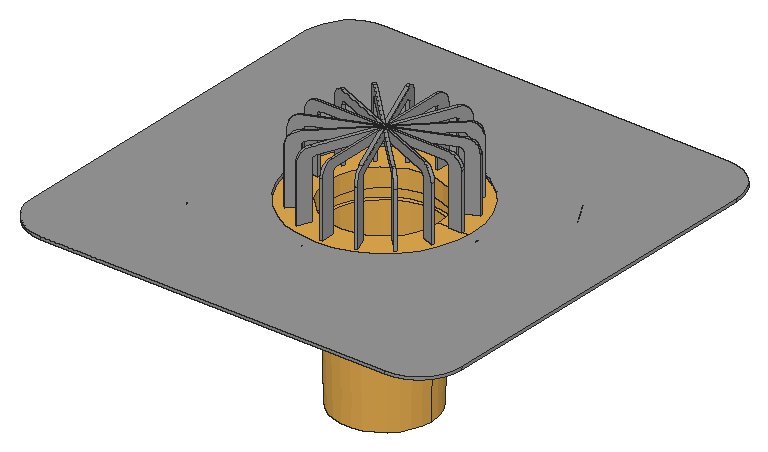
Revit family "TOPWET_Střešní vpust TW(E) 110 S", category Instalační zařizovací předměty, Revit 2016 (continued)
Definition of nested family "Perforovaný ochranný koš TWOK"
  Automatic sketch dimensions
    curve 30 to curve 31 = 15.428 mm
    curve 80 to curve 81 = 15.428 mm
    curve 31 to curve 32 = 3.236 mm
    curve 33 to plane 1 "Střed (vpředu/vzadu)" = 41.57 mm
    plane 1 "Střed (vpředu/vzadu)" to curve 83 = 41.57 mm
    curve 34 to plane 1 "Střed (vpředu/vzadu)" = 38.334 mm
    plane 1 "Střed (vpředu/vzadu)" to curve 84 = 38.334 mm
    plane 1 "Střed (vpředu/vzadu)" to curve 85 = 22.906 mm
    curve 35 to plane 1 "Střed (vpředu/vzadu)" = 22.906 mm
    curve 36 to plane 1 "Střed (vpředu/vzadu)" = 19.102 mm
    plane 1 "Střed (vpředu/vzadu)" to curve 86 = 19.102 mm
    curve 57 to curve 56 = 2.351 mm
    curve 58 to curve 57 = 7.861 mm
    curve 8 to curve 7 = 7.861 mm
    curve 59 to curve 58 = 1.236 mm
    curve 10 to curve 9 = 2.709 mm
    curve 60 to curve 10 = 0 mm
    curve 32 to curve 33 = 12.244 mm
    curve 82 to curve 83 = 12.244 mm  (x2)
    curve 33 to curve 34 = 2.351 mm
    curve 83 to curve 84 = 2.351 mm
    curve 34 to curve 35 = 7.861 mm
    curve 84 to curve 85 = 7.861 mm
    curve 85 to curve 86 = 1.236 mm
    curve 35 to curve 36 = 1.236 mm
    curve 36 to curve 37 = 2.709 mm
    curve 87 to curve 37 = 0 mm
    curve 55 to curve 57 = 15.48 mm
    curve 80 to curve 81 = 7.861 mm
    curve 53 to curve 54 = 7.861 mm
    curve 51 to curve 53 = 1.236 mm
    curve 78 to curve 80 = 1.236 mm
    curve 52 to curve 51 = 2.709 mm
    curve 52 to curve 79 = 0 mm
    curve 56 to curve 57 = 3.236 mm
    curve 7 to curve 6 = 3.236 mm
    curve 33 to curve 32 = 12.244 mm
    curve 31 to curve 30 = 7.861 mm
    curve 4 to curve 3 = 7.861 mm
    curve 30 to curve 28 = 1.236 mm
    curve 3 to curve 1 = 1.236 mm
    curve 28 to curve 29 = 2.709 mm
    curve 2 to curve 29 = 0 mm
    Extrusion 2 sketch curve to Extrusion 2 sketch curve = 0 mm  (x38)
    Extrusion 2 sketch curve to plane 1 "Střed (vpředu/vzadu)" = 0.269 mm
    Extrusion 2 sketch curve to plane 1 "Střed (vpředu/vzadu)" = 2 mm  (x2)
    Extrusion 2 sketch curve to Extrusion 2 sketch curve = 3.188 mm  (x3)
    Extrusion 2 sketch curve to Extrusion 2 sketch curve = 3.236 mm  (x7)
    Extrusion 2 sketch curve to plane 1 "Střed (vpředu/vzadu)" = 8.424 mm
    Extrusion 2 sketch curve to Extrusion 2 sketch curve = 1.97 mm  (x4)
    Extrusion 2 sketch curve to plane 3 "Střed (vlevo/vpravo)" = 1.676 mm  (x2)
    Extrusion 2 sketch curve to Extrusion 2 sketch curve = 1.236 mm  (x3)
    plane 3 "Střed (vlevo/vpravo)" to Extrusion 2 sketch curve = 1.676 mm  (x2)
    Extrusion 2 sketch curve to Extrusion 2 sketch curve = 36.334 mm  (x4)
    plane 3 "Střed (vlevo/vpravo)" to Extrusion 2 sketch curve = 22.906 mm  (x2)
    Extrusion 2 sketch curve to Extrusion 2 sketch curve = 22.456 mm  (x3)
    Extrusion 2 sketch curve to plane 3 "Střed (vlevo/vpravo)" = 23.035 mm
    Extrusion 2 sketch curve to Extrusion 2 sketch curve = 22.528 mm
    Extrusion 2 sketch curve to plane 3 "Střed (vlevo/vpravo)" = 19.102 mm  (x2)
    Extrusion 2 sketch curve to Extrusion 2 sketch curve = 0.84 mm
    plane 3 "Střed (vlevo/vpravo)" to Extrusion 2 sketch curve = 19.102 mm  (x2)
    plane 1 "Střed (vpředu/vzadu)" to Extrusion 2 sketch curve = 2 mm  (x2)
    Extrusion 2 sketch curve to plane 3 "Střed (vlevo/vpravo)" = 22.906 mm
    Extrusion 2 sketch curve to Extrusion 2 sketch curve = 31.224 mm
    Extrusion 2 sketch curve to Extrusion 2 sketch curve = 2.351 mm  (x6)
    Extrusion 2 sketch curve to Extrusion 2 sketch curve = 11.092 mm
    Extrusion 2 sketch curve to Extrusion 2 sketch curve = 6.516 mm
    Extrusion 2 sketch curve to Extrusion 2 sketch curve = 3.804 mm  (x2)
  Nested families
    nested 1: "Odvodňovací kroužek pro ochranný koš TW ODK" at (0, 0, -15), visible <- "VPK", type "Odvodňovací kroužek pro ochranný koš TW ODK"
      with Seříznutí 0 mm, OBJEDNACÍ KÓD "TW ODK", OBJEDNACÍ KOMENTÁŘ "TW ODK, Odvodňovací kroužek"
    nested 2: "Odvodňovací kroužek pro ochranný koš TW ODK" at (0, 0, -48), visible <- "VPK", type "Odvodňovací kroužek pro ochranný koš TW ODK"
      with Seříznutí 0 mm, OBJEDNACÍ KÓD "TW ODK", OBJEDNACÍ KOMENTÁŘ "TW ODK, Odvodňovací kroužek"
    nested 3: "Odvodňovací kroužek pro ochranný koš TW ODK" at (0, 0, -81), Seříznutí <- "OK", visible <- "VOK", type "Odvodňovací kroužek pro ochranný koš TW ODK"
      with Seříznutí 15 mm, OBJEDNACÍ KÓD "TW ODK", OBJEDNACÍ KOMENTÁŘ "TW ODK, Odvodňovací kroužek"
    nested 4: "Odvodňovací kroužek pro ochranný koš TW ODK" at (0, 0, -15), visible <- "K1", type "Odvodňovací kroužek pro ochranný koš TW ODK"
      with Seříznutí 0 mm
  Definition of nested family "Odvodňovací kroužek pro ochranný koš TW ODK"
    Parameters (values of type "Odvodňovací kroužek pro ochranný koš TW ODK")
      Manufacturer = "TOPWET"  # constant formula
      URL = "http://topwet.cz/produkty/269-odvodnovaci-krouzek"
      Seříznutí [instance] = 0 mm
      Description = "Příslušenství vpusti"
      OBJEDNACÍ KÓD [instance] = "TW ODK"
      OBJEDNACÍ KOMENTÁŘ [instance] = "TW ODK, Odvodňovací kroužek"
      Model = ""  # constant formula
      Type Comments = ""  # constant formula
      Keynote = "TW ODK"
      Cost = 0
      COPYRIGHT = "©TOPWET"  # constant formula
    Reference planes
      plane 1 "Střed (vpředu/vzadu)": y = 0
      plane 2: z = 0
      plane 3 "Střed (vlevo/vpravo)": x = 0
      plane 4: z = -33
      plane 5: z = -33
      plane 6: z = -33
    Forms (mm)
      Extrusion 1, solid, detail levels medium+fine
        sketch origin (0, 0, 0) x (1, 0, 0) y (0, 1, 0)
          loop
            circle (0, 0) r 64.5
          loop
            circle (0, 0) r 67.5
        from 15 to -18
      Sweep 2, void
        path origin (0, 0, 0) x (0.987688, 0.156434, 0) y (-0.156434, 0.987688, 0)
          loop
            line (0, -72.5) -> (0, 72.5)
        profile origin (0, 0, 0) x (-0.987688, -0.156434, 0) y (0, 0, 1)
          loop
            line (7.4, -18) -> (7.4, -4.2)
            arc (7.4, -4.2) -> (6.521, -2.079) -> (4.4, -1.2) r 3
            line (4.4, -1.2) -> (-4.4, -1.2)
            arc (-4.4, -1.2) -> (-6.521, -2.079) -> (-7.4, -4.2) r 3
            line (-7.4, -4.2) -> (-7.4, -18) -> (7.4, -18)
      Sweep 3, void
        path origin (0, 0, 0) x (0.891007, 0.45399, 0) y (-0.45399, 0.891007, 0)
          loop
            line (0, -72.5) -> (0, 72.5)
        profile origin (0, 0, 0) x (-0.891007, -0.45399, 0) y (0, 0, 1)
          loop
            line (7.4, -18) -> (7.4, -4.2)
            arc (7.4, -4.2) -> (6.521, -2.079) -> (4.4, -1.2) r 3
            line (4.4, -1.2) -> (-4.4, -1.2)
            arc (-4.4, -1.2) -> (-6.521, -2.079) -> (-7.4, -4.2) r 3
            line (-7.4, -4.2) -> (-7.4, -18) -> (7.4, -18)
      Sweep 4, void
        path origin (0, 0, 0) x (0.707107, 0.707107, 0) y (-0.707107, 0.707107, 0)
          loop
            line (0, -72.5) -> (0, 72.5)
        profile origin (0, 0, 0) x (-0.707107, -0.707107, 0) y (0, 0, 1)
          loop
            line (7.4, -18) -> (7.4, -4.2)
            arc (7.4, -4.2) -> (6.521, -2.079) -> (4.4, -1.2) r 3
            line (4.4, -1.2) -> (-4.4, -1.2)
            arc (-4.4, -1.2) -> (-6.521, -2.079) -> (-7.4, -4.2) r 3
            line (-7.4, -4.2) -> (-7.4, -18) -> (7.4, -18)
      Sweep 5, void
        path origin (0, 0, 0) x (0.45399, 0.891007, 0) y (-0.891007, 0.45399, 0)
          loop
            line (0, -72.5) -> (0, 72.5)
        profile origin (0, 0, 0) x (-0.45399, -0.891007, 0) y (0, 0, 1)
          loop
            line (7.4, -18) -> (7.4, -4.2)
            arc (7.4, -4.2) -> (6.521, -2.079) -> (4.4, -1.2) r 3
            line (4.4, -1.2) -> (-4.4, -1.2)
            arc (-4.4, -1.2) -> (-6.521, -2.079) -> (-7.4, -4.2) r 3
            line (-7.4, -4.2) -> (-7.4, -18) -> (7.4, -18)
      Sweep 6, void
        path origin (0, 0, 0) x (0.156434, 0.987688, 0) y (-0.987688, 0.156434, 0)
          loop
            line (0, -72.5) -> (0, 72.5)
        profile origin (0, 0, 0) x (-0.156434, -0.987688, 0) y (0, 0, 1)
          loop
            line (7.4, -18) -> (7.4, -4.2)
            arc (7.4, -4.2) -> (6.521, -2.079) -> (4.4, -1.2) r 3
            line (4.4, -1.2) -> (-4.4, -1.2)
            arc (-4.4, -1.2) -> (-6.521, -2.079) -> (-7.4, -4.2) r 3
            line (-7.4, -4.2) -> (-7.4, -18) -> (7.4, -18)
      Sweep 7, void
        path origin (0, 0, 0) x (-0.987688, 0.156434, 0) y (0.156434, 0.987688, 0)
          loop
            line (0, -72.5) -> (0, 72.5)
        profile origin (0, 0, 0) x (-0.987688, 0.156434, 0) y (0, 0, 1)
          loop
            line (-7.4, -18) -> (7.4, -18) -> (7.4, -4.2)
            arc (7.4, -4.2) -> (6.521, -2.079) -> (4.4, -1.2) r 3
            line (4.4, -1.2) -> (-4.4, -1.2)
            arc (-4.4, -1.2) -> (-6.521, -2.079) -> (-7.4, -4.2) r 3
            line (-7.4, -4.2) -> (-7.4, -18)
      Sweep 8, void
        path origin (0, 0, 0) x (-0.891007, 0.45399, 0) y (0.45399, 0.891007, 0)
          loop
            line (0, -72.5) -> (0, 72.5)
        profile origin (0, 0, 0) x (-0.891007, 0.45399, 0) y (0, 0, 1)
          loop
            line (-7.4, -18) -> (7.4, -18) -> (7.4, -4.2)
            arc (7.4, -4.2) -> (6.521, -2.079) -> (4.4, -1.2) r 3
            line (4.4, -1.2) -> (-4.4, -1.2)
            arc (-4.4, -1.2) -> (-6.521, -2.079) -> (-7.4, -4.2) r 3
            line (-7.4, -4.2) -> (-7.4, -18)
      Sweep 9, void
        path origin (0, 0, 0) x (-0.707107, 0.707107, 0) y (0.707107, 0.707107, 0)
          loop
            line (0, -72.5) -> (0, 72.5)
        profile origin (0, 0, 0) x (-0.707107, 0.707107, 0) y (0, 0, 1)
          loop
            line (-7.4, -18) -> (7.4, -18) -> (7.4, -4.2)
            arc (7.4, -4.2) -> (6.521, -2.079) -> (4.4, -1.2) r 3
            line (4.4, -1.2) -> (-4.4, -1.2)
            arc (-4.4, -1.2) -> (-6.521, -2.079) -> (-7.4, -4.2) r 3
            line (-7.4, -4.2) -> (-7.4, -18)
      Sweep 10, void
        path origin (0, 0, 0) x (-0.45399, 0.891007, 0) y (0.891007, 0.45399, 0)
          loop
            line (0, -72.5) -> (0, 72.5)
        profile origin (0, 0, 0) x (-0.45399, 0.891007, 0) y (0, 0, 1)
          loop
            line (-7.4, -18) -> (7.4, -18) -> (7.4, -4.2)
            arc (7.4, -4.2) -> (6.521, -2.079) -> (4.4, -1.2) r 3
            line (4.4, -1.2) -> (-4.4, -1.2)
            arc (-4.4, -1.2) -> (-6.521, -2.079) -> (-7.4, -4.2) r 3
            line (-7.4, -4.2) -> (-7.4, -18)
      Sweep 11, void
        path origin (0, 0, 0) x (-0.156434, 0.987688, 0) y (0.987688, 0.156434, 0)
          loop
            line (0, -72.5) -> (0, 72.5)
        profile origin (0, 0, 0) x (-0.156434, 0.987688, 0) y (0, 0, 1)
          loop
            line (-7.4, -18) -> (7.4, -18) -> (7.4, -4.2)
            arc (7.4, -4.2) -> (6.521, -2.079) -> (4.4, -1.2) r 3
            line (4.4, -1.2) -> (-4.4, -1.2)
            arc (-4.4, -1.2) -> (-6.521, -2.079) -> (-7.4, -4.2) r 3
            line (-7.4, -4.2) -> (-7.4, -18)
      Extrusion 12, solid, detail levels medium+fine
        sketch origin (0, 0, 0) x (1, 0, 0) y (0, 1, 0)
          loop
            circle (0, 0) r 60
          loop
            circle (0, 0) r 64.5
        from -18 to -33
    Cuts and joins
      Sweep 2, Sweep 3, Sweep 4, Sweep 5, Sweep 6, Sweep 7, Sweep 8, Sweep 9, Sweep 10, Sweep 11 cuts Extrusion 1
    Dimensions and locks
      "Seříznutí": plane 5 to plane 4
      locked: plane 6 to plane 5 at 0
      aligned and locked: level to plane 2
    Automatic sketch dimensions
      Extrusion 1 sketch curve to Extrusion 1 sketch curve = 0 mm  (x2)
      plane 1 "Střed (vpředu/vzadu)" to Extrusion 1 sketch curve = 0 mm
      Extrusion 1 sketch curve to plane 3 "Střed (vlevo/vpravo)" = 0 mm
      Sweep 2 sketch curve to plane 3 "Střed (vlevo/vpravo)" = 11.341 mm
      Sweep 2 sketch curve to plane 1 "Střed (vpředu/vzadu)" = 71.607 mm
      Sweep 2 sketch curve to Sweep 2 sketch curve = 145 mm
      profile plane to Sweep 2 sketch curve = 7.4 mm
      Sweep 2 sketch curve to level = 1.2 mm
      Sweep 2 sketch curve to Sweep 2 sketch curve = 3 mm
      Sweep 2 sketch curve to profile plane = 4.4 mm
      Sweep 2 sketch curve to profile plane = 7.4 mm
      Sweep 2 sketch curve to Sweep 2 sketch curve = 13.8 mm
      Sweep 3 sketch curve to plane 3 "Střed (vlevo/vpravo)" = 32.914 mm
      Sweep 3 sketch curve to plane 1 "Střed (vpředu/vzadu)" = 64.598 mm
      Sweep 3 sketch curve to Sweep 3 sketch curve = 145 mm
      profile plane to Sweep 3 sketch curve = 7.4 mm
      Sweep 3 sketch curve to level = 1.2 mm
      Sweep 3 sketch curve to Sweep 3 sketch curve = 3 mm
      Sweep 3 sketch curve to profile plane = 4.4 mm
      Sweep 3 sketch curve to profile plane = 7.4 mm
      Sweep 3 sketch curve to Sweep 3 sketch curve = 13.8 mm
      Sweep 4 sketch curve to plane 1 "Střed (vpředu/vzadu)" = 51.265 mm
      Sweep 4 sketch curve to plane 3 "Střed (vlevo/vpravo)" = 51.265 mm
      Sweep 4 sketch curve to Sweep 4 sketch curve = 145 mm
      profile plane to Sweep 4 sketch curve = 7.4 mm
      Sweep 4 sketch curve to level = 1.2 mm
      Sweep 4 sketch curve to Sweep 4 sketch curve = 3 mm
      Sweep 4 sketch curve to profile plane = 4.4 mm
      Sweep 4 sketch curve to profile plane = 7.4 mm
      Sweep 4 sketch curve to Sweep 4 sketch curve = 13.8 mm
      Sweep 5 sketch curve to plane 1 "Střed (vpředu/vzadu)" = 32.914 mm
      Sweep 5 sketch curve to plane 3 "Střed (vlevo/vpravo)" = 64.598 mm
      Sweep 5 sketch curve to Sweep 5 sketch curve = 145 mm
      profile plane to Sweep 5 sketch curve = 7.4 mm
      Sweep 5 sketch curve to level = 1.2 mm
      Sweep 5 sketch curve to Sweep 5 sketch curve = 3 mm
      Sweep 5 sketch curve to profile plane = 4.4 mm
      Sweep 5 sketch curve to profile plane = 7.4 mm
      Sweep 5 sketch curve to Sweep 5 sketch curve = 13.8 mm
      Sweep 6 sketch curve to plane 1 "Střed (vpředu/vzadu)" = 11.341 mm
      Sweep 6 sketch curve to plane 3 "Střed (vlevo/vpravo)" = 71.607 mm
      Sweep 6 sketch curve to Sweep 6 sketch curve = 145 mm
      profile plane to Sweep 6 sketch curve = 7.4 mm
      Sweep 6 sketch curve to level = 1.2 mm
      Sweep 6 sketch curve to Sweep 6 sketch curve = 3 mm
      Sweep 6 sketch curve to profile plane = 4.4 mm
      Sweep 6 sketch curve to profile plane = 7.4 mm
      Sweep 6 sketch curve to Sweep 6 sketch curve = 13.8 mm
      Sweep 7 sketch curve to plane 3 "Střed (vlevo/vpravo)" = 11.341 mm
      plane 1 "Střed (vpředu/vzadu)" to Sweep 7 sketch curve = 71.607 mm
      Sweep 7 sketch curve to Sweep 7 sketch curve = 145 mm
      profile plane to Sweep 7 sketch curve = 7.4 mm
      Sweep 7 sketch curve to level = 1.2 mm
      Sweep 7 sketch curve to Sweep 7 sketch curve = 3 mm
      Sweep 7 sketch curve to profile plane = 4.4 mm
      Sweep 7 sketch curve to profile plane = 7.4 mm
      Sweep 7 sketch curve to Sweep 7 sketch curve = 13.8 mm
      Sweep 8 sketch curve to plane 3 "Střed (vlevo/vpravo)" = 32.914 mm
      plane 1 "Střed (vpředu/vzadu)" to Sweep 8 sketch curve = 64.598 mm
      Sweep 8 sketch curve to Sweep 8 sketch curve = 145 mm
      profile plane to Sweep 8 sketch curve = 7.4 mm
      Sweep 8 sketch curve to level = 1.2 mm
      Sweep 8 sketch curve to Sweep 8 sketch curve = 3 mm
      Sweep 8 sketch curve to profile plane = 4.4 mm
      Sweep 8 sketch curve to profile plane = 7.4 mm
      Sweep 8 sketch curve to Sweep 8 sketch curve = 13.8 mm
      plane 1 "Střed (vpředu/vzadu)" to Sweep 9 sketch curve = 51.265 mm
      Sweep 9 sketch curve to plane 3 "Střed (vlevo/vpravo)" = 51.265 mm
      Sweep 9 sketch curve to Sweep 9 sketch curve = 145 mm
      profile plane to Sweep 9 sketch curve = 7.4 mm
      Sweep 9 sketch curve to level = 1.2 mm
      Sweep 9 sketch curve to Sweep 9 sketch curve = 3 mm
      Sweep 9 sketch curve to profile plane = 4.4 mm
      Sweep 9 sketch curve to profile plane = 7.4 mm
      Sweep 9 sketch curve to Sweep 9 sketch curve = 13.8 mm
      plane 1 "Střed (vpředu/vzadu)" to Sweep 10 sketch curve = 32.914 mm
      Sweep 10 sketch curve to plane 3 "Střed (vlevo/vpravo)" = 64.598 mm
      Sweep 10 sketch curve to Sweep 10 sketch curve = 145 mm
      profile plane to Sweep 10 sketch curve = 7.4 mm
      Sweep 10 sketch curve to level = 1.2 mm
      Sweep 10 sketch curve to Sweep 10 sketch curve = 3 mm
      Sweep 10 sketch curve to profile plane = 4.4 mm
      Sweep 10 sketch curve to profile plane = 7.4 mm
      Sweep 10 sketch curve to Sweep 10 sketch curve = 13.8 mm
      plane 1 "Střed (vpředu/vzadu)" to Sweep 11 sketch curve = 11.341 mm
      Sweep 11 sketch curve to plane 3 "Střed (vlevo/vpravo)" = 71.607 mm
      Sweep 11 sketch curve to Sweep 11 sketch curve = 145 mm
      profile plane to Sweep 11 sketch curve = 7.4 mm
      Sweep 11 sketch curve to level = 1.2 mm
      Sweep 11 sketch curve to Sweep 11 sketch curve = 3 mm
      Sweep 11 sketch curve to profile plane = 4.4 mm
      Sweep 11 sketch curve to profile plane = 7.4 mm
      Sweep 11 sketch curve to Sweep 11 sketch curve = 13.8 mm
      Extrusion 12 sketch curve to Extrusion 12 sketch curve = 0 mm  (x2)
      plane 1 "Střed (vpředu/vzadu)" to Extrusion 12 sketch curve = 0 mm
      Extrusion 12 sketch curve to plane 3 "Střed (vlevo/vpravo)" = 0 mm
      radius of Extrusion 1 sketch curve = 64.5 mm
      radius of Extrusion 1 sketch curve = 67.5 mm
      radius of Extrusion 12 sketch curve = 60 mm
      radius of Extrusion 12 sketch curve = 64.5 mm
Definition of nested family "Terasový nástavec TW TER"
  Parameters (values of type "Terasový nástavec TW TER")
    Výška_Minimální = 19.5 mm  # constant formula
    Výška_Maximální = 161 mm  # constant formula
    Výška [instance] = 161 mm
    Manufacturer = "TOPWET"  # constant formula
    VK [instance] = (D / 10 mm - 2) > 1  # yes
    URL = "http://www.topwet.cz/produkty/270-terasovy-nastavec"
    Type Image = element 941891
    Description = "Příslušenství vpusti"
    PK [instance] = if((D / 10 mm - 2) < 2, 2, D / 10 mm - 2)  # 11
    OBJEDNACÍ KÓD [instance] = "TW TER"
    Model = "viz OBJEDNACÍ KÓD"
    Materiál_Mřížka = none
    MD1 [instance] = -D  # -128 mm
    Kontrola [instance] = not(or(Výška > Výška_Maximální, Výška < Výška_Minimální))  # yes
    Type Comments = "Terasový nástavec TOPWET s nerezovou mřížkou pro balkóny a terasy s lepenou nebo jinak uloženou dlažbou. Součástí balení je odvodňovací kroužek pro odtok vody z hlavní hydroizolace. Terasový nástavec lze prodloužit dalším odvodňovací kroužkem TW ODK o 33 mm nebo nástavcem TWN TER. Výšku nástavce lze upravit. Provedení ze silnostěnného polyamidu PA6 UV Stabil."
    Keynote = ""
    KO [instance] = if(Kontrola, -8 mm, 0 mm)  # -8 mm
    E [instance] = if(Kontrola, D - 19.5 mm, 0 mm)  # 108.5 mm
    D [instance] = if(Výška < 127.5 mm, Výška, Výška - 33 mm)  # 128 mm
    Cost = 0
    COPYRIGHT = "©TOPWET"  # constant formula
  Reference planes
    plane 1 "Střed (vpředu/vzadu)": y = 0
    plane 2: z = 0
    plane 3 "Střed (vlevo/vpravo)": x = 0
    plane 4: z = -128
    plane 5: z = -161
    plane 6: z = -149
  Forms (mm)
    Extrusion 1, solid, material <- "Materiál_Mřížka", detail levels medium+fine
      sketch origin (0, 0, 0) x (1, 0, 0) y (0, 1, 0)
        loop
          line (-64.5, 64.5) -> (-64.5, -64.5) -> (64.5, -64.5) -> (64.5, 64.5) -> (-64.5, 64.5)
      from 0 to -8 <- "KO"
    Sweep 2, solid, detail levels medium+fine
      path origin (0, 0, 0) x (1, 0, 0) y (0, 1, 0)
        loop
          line (-67.5, 67.5) -> (-67.5, -67.5) -> (67.5, -67.5) -> (67.5, 67.5) -> (-67.5, 67.5)
      profile origin (0, 67.5, 0) x (0, 1, 0) y (0, 0, 1)
        loop
          line (0, 0) -> (-3, 0) -> (-3, -8) -> (-12.5, -8) -> (-12.5, -19.5) -> (-3, -19.5) -> (-3, -10.5) -> (0, -10.5) -> (0, 0)
    Extrusion 3, solid, detail levels medium+fine
      sketch origin (-64.5, 64.5, -19.5) x (0, -1, 0) y (-1, 0, 0)
        loop
          circle (64.5, -64.5) r 64.5
        loop
          circle (64.5, -64.5) r 60
      from 0 to 108.5 <- "E"
  Lines and regions (mm)
    model lines, detail levels medium+fine
      curve 1: line (0, 0, 0) -> (0, 0, 100)
    model lines, detail levels fine
      curve 2: line (-9.777, 4.168, 0) -> (-9.776, 1.724, 0)
      curve 3: line (-9.776, 1.724, 0) -> (-7.339, 1.724, 0)
      curve 4: line (-7.339, 1.724, 0) -> (-7.339, -4.114, 0)
      curve 5: line (-7.339, -4.114, 0) -> (-4.379, -4.114, 0)
      curve 6: line (-4.379, -4.114, 0) -> (-4.379, 1.724, 0)
      curve 7: line (-4.379, 1.724, 0) -> (-2.028, 1.724, 0)
      curve 8: line (-2.028, 1.724, 0) -> (-1.071, -4.114, 0)
      curve 9: line (-1.071, -4.114, 0) -> (2.498, -4.114, 0)
      curve 10: line (2.498, -4.114, 0) -> (3.456, 1.724, 0)
      curve 11: line (3.456, 1.724, 0) -> (4.239, -4.114, 0)
      curve 12: line (4.239, -4.114, 0) -> (7.722, -4.114, 0)
      curve 13: line (7.722, -4.114, 0) -> (9.376, 4.168, 0)
      curve 14: line (9.376, 4.168, 0) -> (6.677, 4.168, 0)
      curve 15: line (6.677, 4.168, 0) -> (5.98, -1.758, 0)
      curve 16: line (5.98, -1.758, 0) -> (5.197, 4.168, 0)
      curve 17: line (5.197, 4.168, 0) -> (1.889, 4.168, 0)
      curve 18: line (1.889, 4.168, 0) -> (0.844, -1.758, 0)
      curve 19: line (0.844, -1.758, 0) -> (0.322, 4.168, 0)
      curve 20: line (0.322, 4.168, 0) -> (-9.777, 4.168, 0)
      curve 21: line (-17.5, -2.5, 0) -> (-17.5, 53.5, 0)
      curve 22: line (-33.5, 53.5, 0) -> (-33.5, -2.5, 0)
      curve 23: line (-49.5, -2.5, 0) -> (-49.5, 53.5, 0)
      curve 24: line (-2.5, 49.5, 0) -> (53.5, 49.5, 0)
      curve 25: line (53.5, 33.5, 0) -> (-2.5, 33.5, 0)
      curve 26: line (-2.5, 17.5, 0) -> (53.5, 17.5, 0)
      curve 27: line (49.5, 2.5, 0) -> (49.5, -53.5, 0)
      curve 28: line (33.5, -53.5, 0) -> (33.5, 2.5, 0)
      curve 29: line (17.5, 2.5, 0) -> (17.5, -53.5, 0)
      curve 30: line (2.5, -49.5, 0) -> (-53.5, -49.5, 0)
      curve 31: line (-53.5, -33.5, 0) -> (2.5, -33.5, 0)
      curve 32: line (2.5, -17.5, 0) -> (-53.5, -17.5, 0)
  Dimensions and locks
    locked: Sweep 2 to nested 1 at 6
    equal spacing: group 1, group 3, group 4, group 5, group 6, group 7, group 8, group 9, group 10, group 11, group 2  (x2)
    equal spacing: group 2, group 11, group 10, group 9, group 8, group 7, group 6, group 5, group 4, group 3, group 1
    locked: nested 2 to plane 4 at 6
    "D": plane 2 to plane 4
    "Výška": plane 2 to plane 5
    locked: nested 3 to plane 4 at 15
    plane 6 to plane 5 = 12 mm
    aligned and locked: level to plane 2
    aligned and locked: plane 3 "Střed (vlevo/vpravo)" to nested 3
    aligned and locked: plane 1 "Střed (vpředu/vzadu)" to nested 3
  Automatic sketch dimensions
    Extrusion 1 sketch curve to plane 3 "Střed (vlevo/vpravo)" = 64.5 mm
    plane 3 "Střed (vlevo/vpravo)" to Extrusion 1 sketch curve = 64.5 mm
    plane 1 "Střed (vpředu/vzadu)" to Extrusion 1 sketch curve = 64.5 mm
    Extrusion 1 sketch curve to plane 1 "Střed (vpředu/vzadu)" = 64.5 mm
    Sweep 2 sketch curve to plane 3 "Střed (vlevo/vpravo)" = 67.5 mm
    plane 3 "Střed (vlevo/vpravo)" to Sweep 2 sketch curve = 67.5 mm
    plane 1 "Střed (vpředu/vzadu)" to Sweep 2 sketch curve = 67.5 mm
    Sweep 2 sketch curve to plane 1 "Střed (vpředu/vzadu)" = 67.5 mm
    level to Sweep 2 sketch curve = 0 mm
    Sweep 2 sketch curve to profile plane = 0 mm
    profile plane to Sweep 2 sketch curve = 3 mm
    Sweep 2 sketch curve to Sweep 2 sketch curve = 9.5 mm
    Sweep 2 sketch curve to Sweep 2 sketch curve = 9 mm
    Sweep 2 sketch curve to Sweep 2 sketch curve = 2.5 mm
    Sweep 2 sketch curve to Sweep 2 sketch curve = 0 mm
    Sweep 2 sketch curve to level = 19.5 mm
    Extrusion 3 sketch curve to Extrusion 3 sketch curve = 0 mm  (x2)
    Extrusion 3 sketch curve to Sweep 2 = 55 mm
    Sweep 2 to Extrusion 3 sketch curve = 55 mm
    curve 1 to plane 3 "Střed (vlevo/vpravo)" = 0 mm
    curve 1 to level = 0 mm
    level to curve 1 = 100 mm
    curve 3 to plane 1 "Střed (vpředu/vzadu)" = 1.724 mm  (x2)
    curve 3 to plane 3 "Střed (vlevo/vpravo)" = 9.776 mm
    curve 2 to curve 4 = 2.437 mm
    curve 4 to curve 6 = 2.96 mm
    curve 8 to plane 3 "Střed (vlevo/vpravo)" = 2.028 mm
    curve 9 to plane 3 "Střed (vlevo/vpravo)" = 1.071 mm
    plane 3 "Střed (vlevo/vpravo)" to curve 18 = 0.844 mm
    plane 3 "Střed (vlevo/vpravo)" to curve 18 = 1.889 mm
    plane 3 "Střed (vlevo/vpravo)" to curve 9 = 2.498 mm
    curve 10 to plane 1 "Střed (vpředu/vzadu)" = 1.724 mm
    curve 17 to curve 10 = 1.567 mm
    curve 9 to curve 12 = 1.741 mm
    curve 10 to curve 16 = 1.741 mm
    plane 1 "Střed (vpředu/vzadu)" to curve 16 = 1.758 mm
    curve 11 to curve 16 = 1.741 mm
    curve 16 to curve 14 = 1.48 mm
    curve 15 to curve 13 = 1.741 mm
    curve 14 to curve 13 = 2.699 mm
    plane 1 "Střed (vpředu/vzadu)" to curve 8 = 4.114 mm
    curve 6 to curve 8 = 0 mm
    curve 9 to curve 12 = 0 mm
    plane 1 "Střed (vpředu/vzadu)" to curve 18 = 1.758 mm
    curve 6 to plane 1 "Střed (vpředu/vzadu)" = 1.724 mm
    curve 16 to curve 14 = 0 mm
    curve 2 to curve 2 = 0.001 mm
    plane 3 "Střed (vlevo/vpravo)" to curve 19 = 0.322 mm
    curve 10 to curve 15 = 2.444 mm
    curve 2 to curve 2 = 2.444 mm
    curve 21 to plane 3 "Střed (vlevo/vpravo)" = 17.5 mm
    plane 1 "Střed (vpředu/vzadu)" to curve 21 = 2.5 mm
    curve 2 to curve 21 = 49.331 mm
    plane 1 "Střed (vpředu/vzadu)" to curve 22 = 2.5 mm
    curve 22 to curve 21 = 16 mm
    curve 22 to curve 21 = 0 mm
    curve 23 to curve 22 = 16 mm
    plane 1 "Střed (vpředu/vzadu)" to curve 23 = 2.5 mm
    curve 23 to curve 22 = 0 mm
    curve 24 to plane 3 "Střed (vlevo/vpravo)" = 2.5 mm
    plane 3 "Střed (vlevo/vpravo)" to curve 24 = 53.5 mm
    curve 24 to curve 21 = 3.999 mm
    curve 25 to plane 3 "Střed (vlevo/vpravo)" = 2.5 mm
    curve 25 to curve 24 = 0 mm
    curve 25 to curve 24 = 16 mm
    curve 26 to plane 3 "Střed (vlevo/vpravo)" = 2.5 mm
    curve 26 to curve 25 = 0 mm
    curve 19 to curve 26 = 13.332 mm
    curve 27 to plane 1 "Střed (vpředu/vzadu)" = 2.5 mm
    curve 27 to curve 26 = 4 mm
    plane 1 "Střed (vpředu/vzadu)" to curve 27 = 53.5 mm
    curve 28 to curve 27 = 16 mm
    curve 28 to curve 27 = 0 mm
    curve 28 to plane 1 "Střed (vpředu/vzadu)" = 2.5 mm
    curve 29 to plane 1 "Střed (vpředu/vzadu)" = 2.5 mm
    curve 13 to curve 29 = 8.124 mm
    curve 29 to curve 28 = 0 mm
    curve 30 to curve 23 = 4 mm
    plane 3 "Střed (vlevo/vpravo)" to curve 30 = 2.5 mm
    curve 30 to curve 23 = 47 mm
    curve 31 to curve 30 = 0 mm
    plane 3 "Střed (vlevo/vpravo)" to curve 31 = 2.5 mm
    curve 30 to curve 31 = 16 mm
    curve 32 to curve 23 = 4 mm
    plane 3 "Střed (vlevo/vpravo)" to curve 32 = 2.5 mm
    curve 32 to curve 9 = 13.386 mm
    radius of Extrusion 3 sketch curve = 64.5 mm
    radius of Extrusion 3 sketch curve = 60 mm
  Nested families
    nested 1: "Kroužek" at (0, 0, -25.5), visible <- "VK", type "Kroužek"
      with R 64.5 mm, D 129 mm
    nested 2: "Kroužek" at (0, 0, -122), visible <- "VK", type "Kroužek"
      with R 64.5 mm, D 129 mm
    nested 3: "Odvodňovací kroužek pro ochranný koš TW ODK" at (0, 0, -128), visible <- "VK", type "Odvodňovací kroužek pro ochranný koš TW ODK", detail levels medium+fine
      with Seříznutí 0 mm
    nested 4: "Kroužek" at (0, 0, -35.15), visible <- "VK", type "Kroužek"
      with R 64.5 mm, D 129 mm
    nested 5: "Kroužek" at (0, 0, -44.8), visible <- "VK", type "Kroužek"
      with R 64.5 mm, D 129 mm
    nested 6: "Kroužek" at (0, 0, -54.45), visible <- "VK", type "Kroužek"
      with R 64.5 mm, D 129 mm
    nested 7: "Kroužek" at (0, 0, -64.1), visible <- "VK", type "Kroužek"
      with R 64.5 mm, D 129 mm
    nested 8: "Kroužek" at (0, 0, -73.75), visible <- "VK", type "Kroužek"
      with R 64.5 mm, D 129 mm
    nested 9: "Kroužek" at (0, 0, -83.4), visible <- "VK", type "Kroužek"
      with R 64.5 mm, D 129 mm
    nested 10: "Kroužek" at (0, 0, -93.05), visible <- "VK", type "Kroužek"
      with R 64.5 mm, D 129 mm
    nested 11: "Kroužek" at (0, 0, -102.7), visible <- "VK", type "Kroužek"
      with R 64.5 mm, D 129 mm
    nested 12: "Kroužek" at (0, 0, -112.35), visible <- "VK", type "Kroužek"
      with R 64.5 mm, D 129 mm
  Definition of nested family "Kroužek"
    Parameters (values of type "Kroužek")
      Manufacturer = ""
      URL = "⁫‌⁪‭⁡​‭​​​​​​​​​​​ ​​‍⁣⁢ ‎ ​⁤‭‎‎​‌​ ​⁣‌ ⁡‪​ ‪‭ ​⁢‎‎⁤‎‭‪‭‌​⁡‭ ‭‍ ⁡‬‭​⁣ ‌‪‭‍‍ ‍  ⁤‎⁢‎​‬‍ ‍ ‬⁤⁪‎⁪‪⁡⁢​⁣‬⁤‪⁡‎⁪⁢‬ ⁢‪⁪⁤⁡⁡‎​⁢ ‎‎‪‌⁢‎ ⁢‬‎⁣⁤⁤⁡‬‎‌⁪   ‭⁣‬⁡⁪‪‪‭⁣⁢‪​   ⁢⁣⁪‬⁣⁣‎ ⁢⁤‬‪  ⁪‬⁪‍​⁤ ‌⁪ ‭⁪⁣⁡ ‌  ‎‌‌⁡‌⁤⁣ ‍  ​  ‎⁣‍ ⁤‎⁢⁤⁡‭⁤‌⁣⁣‭‍⁤‪⁣  ⁢ ⁢   ‬‍‭ ‪⁢⁤⁢⁢​‎‍‍ ​‍‬  ‭⁣​‍‬ ⁪  ​‎⁢ ‭‍⁡‪ ⁢ ⁪  ‍   ‪⁤‬‌‍⁪ ⁣‬‪​‬⁤⁢​‌  ‬​ ​ ⁢​⁢​‭‪  ​‭  ‍⁣​‭‍  ‌⁡⁣‌  ​ ⁢‌   ‍‎ ⁤⁣‌‬‬‎ ⁣⁡‪ ⁪⁢‪​​​​​​⁫"
      R = D / 2  # 52 mm
      Description = ""
      Model = ""
      Type Comments = ""
      D = 104 mm
      Cost = 0
    Reference planes
      plane 1 "Střed (vpředu/vzadu)": y = 0
      plane 2: z = 0
      plane 3 "Střed (vlevo/vpravo)": x = 0
    Forms (mm)
      Revolve 1, solid, detail levels fine
        sketch origin (0, 0, 0) x (1, 0, 0) y (0, 0, 1)
          loop
            line (-52, 1.482) -> (-55.264, 0) -> (-52, -1.516) -> (-52, 1.482)
          axis (0, 1.482) -> (0, -1.516)
        angle from 0 to 360
    Dimensions and locks
      "R": Revolve 1 sketch curve to plane 3 "Střed (vlevo/vpravo)"
      aligned and locked: level to plane 2
      aligned and locked: Revolve 1 sketch curve to plane 3 "Střed (vlevo/vpravo)"
    Automatic sketch dimensions
      Revolve 1 sketch curve to level = 0 mm
      Revolve 1 sketch curve to Revolve 1 sketch curve = 3.264 mm
      Revolve 1 sketch curve to level = 1.516 mm
      level to Revolve 1 sketch curve = 1.482 mm
      Revolve 1 sketch curve to level = 381 mm
      Revolve 1 sketch curve to Revolve 1 sketch curve = 2212.833 mm
  Definition of nested family "Odvodňovací kroužek pro ochranný koš TW ODK"
    Parameters (values of type "Odvodňovací kroužek pro ochranný koš TW ODK")
      Manufacturer = "TOPWET"  # constant formula
      URL = "http://topwet.cz/produkty/269-odvodnovaci-krouzek"
      Seříznutí [instance] = 0 mm
      Description = "Příslušenství vpusti"
      OBJEDNACÍ KÓD [instance] = "TW ODK"
      OBJEDNACÍ KOMENTÁŘ [instance] = "TW ODK, Odvodňovací kroužek"
      Model = ""  # constant formula
      Type Comments = ""  # constant formula
      Keynote = "TW ODK"
      Cost = 0
      COPYRIGHT = "©TOPWET"  # constant formula
    Reference planes
      plane 1 "Střed (vpředu/vzadu)": y = 0
      plane 2: z = 0
      plane 3 "Střed (vlevo/vpravo)": x = 0
      plane 4: z = -33
      plane 5: z = -33
      plane 6: z = -33
    Forms (mm)
      Extrusion 1, solid, detail levels medium+fine
        sketch origin (0, 0, 0) x (1, 0, 0) y (0, 1, 0)
          loop
            circle (0, 0) r 64.5
          loop
            circle (0, 0) r 67.5
        from 15 to -18
      Sweep 2, void
        path origin (0, 0, 0) x (0.987688, 0.156434, 0) y (-0.156434, 0.987688, 0)
          loop
            line (0, -72.5) -> (0, 72.5)
        profile origin (0, 0, 0) x (-0.987688, -0.156434, 0) y (0, 0, 1)
          loop
            line (7.4, -18) -> (7.4, -4.2)
            arc (7.4, -4.2) -> (6.521, -2.079) -> (4.4, -1.2) r 3
            line (4.4, -1.2) -> (-4.4, -1.2)
            arc (-4.4, -1.2) -> (-6.521, -2.079) -> (-7.4, -4.2) r 3
            line (-7.4, -4.2) -> (-7.4, -18) -> (7.4, -18)
      Sweep 3, void
        path origin (0, 0, 0) x (0.891007, 0.45399, 0) y (-0.45399, 0.891007, 0)
          loop
            line (0, -72.5) -> (0, 72.5)
        profile origin (0, 0, 0) x (-0.891007, -0.45399, 0) y (0, 0, 1)
          loop
            line (7.4, -18) -> (7.4, -4.2)
            arc (7.4, -4.2) -> (6.521, -2.079) -> (4.4, -1.2) r 3
            line (4.4, -1.2) -> (-4.4, -1.2)
            arc (-4.4, -1.2) -> (-6.521, -2.079) -> (-7.4, -4.2) r 3
            line (-7.4, -4.2) -> (-7.4, -18) -> (7.4, -18)
      Sweep 4, void
        path origin (0, 0, 0) x (0.707107, 0.707107, 0) y (-0.707107, 0.707107, 0)
          loop
            line (0, -72.5) -> (0, 72.5)
        profile origin (0, 0, 0) x (-0.707107, -0.707107, 0) y (0, 0, 1)
          loop
            line (7.4, -18) -> (7.4, -4.2)
            arc (7.4, -4.2) -> (6.521, -2.079) -> (4.4, -1.2) r 3
            line (4.4, -1.2) -> (-4.4, -1.2)
            arc (-4.4, -1.2) -> (-6.521, -2.079) -> (-7.4, -4.2) r 3
            line (-7.4, -4.2) -> (-7.4, -18) -> (7.4, -18)
      Sweep 5, void
        path origin (0, 0, 0) x (0.45399, 0.891007, 0) y (-0.891007, 0.45399, 0)
          loop
            line (0, -72.5) -> (0, 72.5)
        profile origin (0, 0, 0) x (-0.45399, -0.891007, 0) y (0, 0, 1)
          loop
            line (7.4, -18) -> (7.4, -4.2)
            arc (7.4, -4.2) -> (6.521, -2.079) -> (4.4, -1.2) r 3
            line (4.4, -1.2) -> (-4.4, -1.2)
            arc (-4.4, -1.2) -> (-6.521, -2.079) -> (-7.4, -4.2) r 3
            line (-7.4, -4.2) -> (-7.4, -18) -> (7.4, -18)
      Sweep 6, void
        path origin (0, 0, 0) x (0.156434, 0.987688, 0) y (-0.987688, 0.156434, 0)
          loop
            line (0, -72.5) -> (0, 72.5)
        profile origin (0, 0, 0) x (-0.156434, -0.987688, 0) y (0, 0, 1)
          loop
            line (7.4, -18) -> (7.4, -4.2)
            arc (7.4, -4.2) -> (6.521, -2.079) -> (4.4, -1.2) r 3
            line (4.4, -1.2) -> (-4.4, -1.2)
            arc (-4.4, -1.2) -> (-6.521, -2.079) -> (-7.4, -4.2) r 3
            line (-7.4, -4.2) -> (-7.4, -18) -> (7.4, -18)
      Sweep 7, void
        path origin (0, 0, 0) x (-0.987688, 0.156434, 0) y (0.156434, 0.987688, 0)
          loop
            line (0, -72.5) -> (0, 72.5)
        profile origin (0, 0, 0) x (-0.987688, 0.156434, 0) y (0, 0, 1)
          loop
            line (-7.4, -18) -> (7.4, -18) -> (7.4, -4.2)
            arc (7.4, -4.2) -> (6.521, -2.079) -> (4.4, -1.2) r 3
            line (4.4, -1.2) -> (-4.4, -1.2)
            arc (-4.4, -1.2) -> (-6.521, -2.079) -> (-7.4, -4.2) r 3
            line (-7.4, -4.2) -> (-7.4, -18)
      Sweep 8, void
        path origin (0, 0, 0) x (-0.891007, 0.45399, 0) y (0.45399, 0.891007, 0)
          loop
            line (0, -72.5) -> (0, 72.5)
        profile origin (0, 0, 0) x (-0.891007, 0.45399, 0) y (0, 0, 1)
          loop
            line (-7.4, -18) -> (7.4, -18) -> (7.4, -4.2)
            arc (7.4, -4.2) -> (6.521, -2.079) -> (4.4, -1.2) r 3
            line (4.4, -1.2) -> (-4.4, -1.2)
            arc (-4.4, -1.2) -> (-6.521, -2.079) -> (-7.4, -4.2) r 3
            line (-7.4, -4.2) -> (-7.4, -18)
      Sweep 9, void
        path origin (0, 0, 0) x (-0.707107, 0.707107, 0) y (0.707107, 0.707107, 0)
          loop
            line (0, -72.5) -> (0, 72.5)
        profile origin (0, 0, 0) x (-0.707107, 0.707107, 0) y (0, 0, 1)
          loop
            line (-7.4, -18) -> (7.4, -18) -> (7.4, -4.2)
            arc (7.4, -4.2) -> (6.521, -2.079) -> (4.4, -1.2) r 3
            line (4.4, -1.2) -> (-4.4, -1.2)
            arc (-4.4, -1.2) -> (-6.521, -2.079) -> (-7.4, -4.2) r 3
            line (-7.4, -4.2) -> (-7.4, -18)
      Sweep 10, void
        path origin (0, 0, 0) x (-0.45399, 0.891007, 0) y (0.891007, 0.45399, 0)
          loop
            line (0, -72.5) -> (0, 72.5)
        profile origin (0, 0, 0) x (-0.45399, 0.891007, 0) y (0, 0, 1)
          loop
            line (-7.4, -18) -> (7.4, -18) -> (7.4, -4.2)
            arc (7.4, -4.2) -> (6.521, -2.079) -> (4.4, -1.2) r 3
            line (4.4, -1.2) -> (-4.4, -1.2)
            arc (-4.4, -1.2) -> (-6.521, -2.079) -> (-7.4, -4.2) r 3
            line (-7.4, -4.2) -> (-7.4, -18)
      Sweep 11, void
        path origin (0, 0, 0) x (-0.156434, 0.987688, 0) y (0.987688, 0.156434, 0)
          loop
            line (0, -72.5) -> (0, 72.5)
        profile origin (0, 0, 0) x (-0.156434, 0.987688, 0) y (0, 0, 1)
          loop
            line (-7.4, -18) -> (7.4, -18) -> (7.4, -4.2)
            arc (7.4, -4.2) -> (6.521, -2.079) -> (4.4, -1.2) r 3
            line (4.4, -1.2) -> (-4.4, -1.2)
            arc (-4.4, -1.2) -> (-6.521, -2.079) -> (-7.4, -4.2) r 3
            line (-7.4, -4.2) -> (-7.4, -18)
      Extrusion 12, solid, detail levels medium+fine
        sketch origin (0, 0, 0) x (1, 0, 0) y (0, 1, 0)
          loop
            circle (0, 0) r 60
          loop
            circle (0, 0) r 64.5
        from -18 to -33
      Extrusion 13, void
        sketch origin (0, -60, -33) x (0, 1, 0) y (-1, 0, 0)
          loop
            circle (60, 0) r 70
        from -10 to 0 <- "Seříznutí"
    Cuts and joins
      Sweep 2, Sweep 3, Sweep 4, Sweep 5, Sweep 6, Sweep 7, Sweep 8, Sweep 9, Sweep 10, Sweep 11, Extrusion 13 cuts Extrusion 1
      Extrusion 13 cuts Extrusion 12
    Dimensions and locks
      "Seříznutí": plane 5 to plane 4
      locked: plane 6 to plane 5 at 0
      aligned and locked: level to plane 2
    Automatic sketch dimensions
      Extrusion 1 sketch curve to Extrusion 1 sketch curve = 0 mm  (x2)
      plane 1 "Střed (vpředu/vzadu)" to Extrusion 1 sketch curve = 0 mm
      Extrusion 1 sketch curve to plane 3 "Střed (vlevo/vpravo)" = 0 mm
      Sweep 2 sketch curve to plane 3 "Střed (vlevo/vpravo)" = 11.341 mm
      Sweep 2 sketch curve to plane 1 "Střed (vpředu/vzadu)" = 71.607 mm
      Sweep 2 sketch curve to Sweep 2 sketch curve = 145 mm
      profile plane to Sweep 2 sketch curve = 7.4 mm
      Sweep 2 sketch curve to level = 1.2 mm
      Sweep 2 sketch curve to Sweep 2 sketch curve = 3 mm
      Sweep 2 sketch curve to profile plane = 4.4 mm
      Sweep 2 sketch curve to profile plane = 7.4 mm
      Sweep 2 sketch curve to Sweep 2 sketch curve = 13.8 mm
      Sweep 3 sketch curve to plane 3 "Střed (vlevo/vpravo)" = 32.914 mm
      Sweep 3 sketch curve to plane 1 "Střed (vpředu/vzadu)" = 64.598 mm
      Sweep 3 sketch curve to Sweep 3 sketch curve = 145 mm
      profile plane to Sweep 3 sketch curve = 7.4 mm
      Sweep 3 sketch curve to level = 1.2 mm
      Sweep 3 sketch curve to Sweep 3 sketch curve = 3 mm
      Sweep 3 sketch curve to profile plane = 4.4 mm
      Sweep 3 sketch curve to profile plane = 7.4 mm
      Sweep 3 sketch curve to Sweep 3 sketch curve = 13.8 mm
      Sweep 4 sketch curve to plane 1 "Střed (vpředu/vzadu)" = 51.265 mm
      Sweep 4 sketch curve to plane 3 "Střed (vlevo/vpravo)" = 51.265 mm
      Sweep 4 sketch curve to Sweep 4 sketch curve = 145 mm
      profile plane to Sweep 4 sketch curve = 7.4 mm
      Sweep 4 sketch curve to level = 1.2 mm
      Sweep 4 sketch curve to Sweep 4 sketch curve = 3 mm
      Sweep 4 sketch curve to profile plane = 4.4 mm
      Sweep 4 sketch curve to profile plane = 7.4 mm
      Sweep 4 sketch curve to Sweep 4 sketch curve = 13.8 mm
      Sweep 5 sketch curve to plane 1 "Střed (vpředu/vzadu)" = 32.914 mm
      Sweep 5 sketch curve to plane 3 "Střed (vlevo/vpravo)" = 64.598 mm
      Sweep 5 sketch curve to Sweep 5 sketch curve = 145 mm
      profile plane to Sweep 5 sketch curve = 7.4 mm
      Sweep 5 sketch curve to level = 1.2 mm
      Sweep 5 sketch curve to Sweep 5 sketch curve = 3 mm
      Sweep 5 sketch curve to profile plane = 4.4 mm
      Sweep 5 sketch curve to profile plane = 7.4 mm
      Sweep 5 sketch curve to Sweep 5 sketch curve = 13.8 mm
      Sweep 6 sketch curve to plane 1 "Střed (vpředu/vzadu)" = 11.341 mm
      Sweep 6 sketch curve to plane 3 "Střed (vlevo/vpravo)" = 71.607 mm
      Sweep 6 sketch curve to Sweep 6 sketch curve = 145 mm
      profile plane to Sweep 6 sketch curve = 7.4 mm
      Sweep 6 sketch curve to level = 1.2 mm
      Sweep 6 sketch curve to Sweep 6 sketch curve = 3 mm
      Sweep 6 sketch curve to profile plane = 4.4 mm
      Sweep 6 sketch curve to profile plane = 7.4 mm
      Sweep 6 sketch curve to Sweep 6 sketch curve = 13.8 mm
      Sweep 7 sketch curve to plane 3 "Střed (vlevo/vpravo)" = 11.341 mm
      plane 1 "Střed (vpředu/vzadu)" to Sweep 7 sketch curve = 71.607 mm
      Sweep 7 sketch curve to Sweep 7 sketch curve = 145 mm
      profile plane to Sweep 7 sketch curve = 7.4 mm
      Sweep 7 sketch curve to level = 1.2 mm
      Sweep 7 sketch curve to Sweep 7 sketch curve = 3 mm
      Sweep 7 sketch curve to profile plane = 4.4 mm
      Sweep 7 sketch curve to profile plane = 7.4 mm
      Sweep 7 sketch curve to Sweep 7 sketch curve = 13.8 mm
      Sweep 8 sketch curve to plane 3 "Střed (vlevo/vpravo)" = 32.914 mm
      plane 1 "Střed (vpředu/vzadu)" to Sweep 8 sketch curve = 64.598 mm
      Sweep 8 sketch curve to Sweep 8 sketch curve = 145 mm
      profile plane to Sweep 8 sketch curve = 7.4 mm
      Sweep 8 sketch curve to level = 1.2 mm
      Sweep 8 sketch curve to Sweep 8 sketch curve = 3 mm
      Sweep 8 sketch curve to profile plane = 4.4 mm
      Sweep 8 sketch curve to profile plane = 7.4 mm
      Sweep 8 sketch curve to Sweep 8 sketch curve = 13.8 mm
      plane 1 "Střed (vpředu/vzadu)" to Sweep 9 sketch curve = 51.265 mm
      Sweep 9 sketch curve to plane 3 "Střed (vlevo/vpravo)" = 51.265 mm
      Sweep 9 sketch curve to Sweep 9 sketch curve = 145 mm
      profile plane to Sweep 9 sketch curve = 7.4 mm
      Sweep 9 sketch curve to level = 1.2 mm
      Sweep 9 sketch curve to Sweep 9 sketch curve = 3 mm
      Sweep 9 sketch curve to profile plane = 4.4 mm
      Sweep 9 sketch curve to profile plane = 7.4 mm
      Sweep 9 sketch curve to Sweep 9 sketch curve = 13.8 mm
      plane 1 "Střed (vpředu/vzadu)" to Sweep 10 sketch curve = 32.914 mm
      Sweep 10 sketch curve to plane 3 "Střed (vlevo/vpravo)" = 64.598 mm
      Sweep 10 sketch curve to Sweep 10 sketch curve = 145 mm
      profile plane to Sweep 10 sketch curve = 7.4 mm
      Sweep 10 sketch curve to level = 1.2 mm
      Sweep 10 sketch curve to Sweep 10 sketch curve = 3 mm
      Sweep 10 sketch curve to profile plane = 4.4 mm
      Sweep 10 sketch curve to profile plane = 7.4 mm
      Sweep 10 sketch curve to Sweep 10 sketch curve = 13.8 mm
      plane 1 "Střed (vpředu/vzadu)" to Sweep 11 sketch curve = 11.341 mm
      Sweep 11 sketch curve to plane 3 "Střed (vlevo/vpravo)" = 71.607 mm
      Sweep 11 sketch curve to Sweep 11 sketch curve = 145 mm
      profile plane to Sweep 11 sketch curve = 7.4 mm
      Sweep 11 sketch curve to level = 1.2 mm
      Sweep 11 sketch curve to Sweep 11 sketch curve = 3 mm
      Sweep 11 sketch curve to profile plane = 4.4 mm
      Sweep 11 sketch curve to profile plane = 7.4 mm
      Sweep 11 sketch curve to Sweep 11 sketch curve = 13.8 mm
      Extrusion 12 sketch curve to Extrusion 12 sketch curve = 0 mm  (x2)
      plane 1 "Střed (vpředu/vzadu)" to Extrusion 12 sketch curve = 0 mm
      Extrusion 12 sketch curve to plane 3 "Střed (vlevo/vpravo)" = 0 mm
      plane 1 "Střed (vpředu/vzadu)" to Extrusion 13 sketch curve = 0 mm
      Extrusion 13 sketch curve to plane 3 "Střed (vlevo/vpravo)" = 0 mm
      radius of Extrusion 1 sketch curve = 64.5 mm
      radius of Extrusion 1 sketch curve = 67.5 mm
      radius of Extrusion 12 sketch curve = 60 mm
      radius of Extrusion 12 sketch curve = 64.5 mm
      radius of Extrusion 13 sketch curve = 70 mm
Definition of nested family "Perforovaný terasový nástavec TW TER P"
  Parameters (values of type "Perforovaný terasový nástavec TW TER P")
    Výška_Minimální = 19.5 mm  # constant formula
    Výška_Maximální = 227 mm  # constant formula
    Výška [instance] = 227 mm
    Manufacturer = "TOPWET"  # constant formula
    VN3 [instance] = Výška > (227 mm - 33 mm)  # yes
    VN2 [instance] = Výška > (227 mm - 66 mm)  # yes
    VN1 [instance] = Výška > 127.5 mm  # yes
    VK [instance] = (D / 10 mm - 2) > 1  # yes
    URL = "http://www.topwet.cz/produkty/271-perforovany-terasovy-nastavec"
    Type Image = element 939180
    Description = "Příslušenství vpusti"
    PK [instance] = if((D / 10 mm - 2) < 2, 2, D / 10 mm - 2)  # 11
    OBJEDNACÍ KÓD [instance] = "TW TER P"
    Model = "viz OBJEDNACÍ KÓD"
    Materiál_Mřížka = none
    MD1 [instance] = -D  # -128 mm
    Kontrola [instance] = not(or(Výška > Výška_Maximální, Výška < Výška_Minimální))  # yes
    Type Comments = "Perforovaný terasový nástavec TOPWET s nerezovou mřížkou pro balkóny a terasy s dlažbou. Součástí balení jsou tři odvodňovací kroužky pro plynulejší odtok vody z hlavní hydroizolace. Terasový nástavec lze prodloužit dalším odvodňovacím kroužkem TW ODK o 33 mm nebo nástavcem TWN TER. Výšku nástavce lze upravit. Provedení ze silnostěnného polyamidu PA6 UV Stabil."
    Keynote = ""
    KO [instance] = if(Kontrola, -8 mm, 0 mm)  # -8 mm
    E [instance] = if(Kontrola, D - 19.5 mm, 0 mm)  # 108.5 mm
    D [instance] = Výška - if(VN1, 33 mm, 0 mm) - if(VN2, 33 mm, 0 mm) - if(VN3, 33 mm, 0 mm)  # 128 mm
    Cost = 0
    COPYRIGHT = "©TOPWET"  # constant formula
  Reference planes
    plane 1 "Střed (vpředu/vzadu)": y = 0
    plane 2: z = 0
    plane 3 "Střed (vlevo/vpravo)": x = 0
    plane 4: z = -128
    plane 5: z = -227
    plane 6: z = -227
    plane 7: z = -215
  Forms (mm)
    Extrusion 1, solid, material <- "Materiál_Mřížka", detail levels medium+fine
      sketch origin (0, 0, 0) x (1, 0, 0) y (0, 1, 0)
        loop
          line (-64.5, 64.5) -> (-64.5, -64.5) -> (64.5, -64.5) -> (64.5, 64.5) -> (-64.5, 64.5)
      from 0 to -8 <- "KO"
    Sweep 2, solid, detail levels medium+fine
      path origin (0, 0, 0) x (1, 0, 0) y (0, 1, 0)
        loop
          line (-67.5, 67.5) -> (-67.5, -67.5) -> (67.5, -67.5) -> (67.5, 67.5) -> (-67.5, 67.5)
      profile origin (0, 67.5, 0) x (0, 1, 0) y (0, 0, 1)
        loop
          line (0, 0) -> (-3, 0) -> (-3, -8) -> (-12.5, -8) -> (-12.5, -19.5) -> (-3, -19.5) -> (-3, -10.5) -> (0, -10.5) -> (0, 0)
    Extrusion 3, solid, detail levels medium+fine
      sketch origin (-64.5, 64.5, -19.5) x (0, -1, 0) y (-1, 0, 0)
        loop
          circle (64.5, -64.5) r 64.5
        loop
          circle (64.5, -64.5) r 60
      from 0 to 108.5 <- "E"
  Lines and regions (mm)
    model lines, detail levels medium+fine
      curve 1: line (0, 0, 0) -> (0, 0, 100)
    model lines, detail levels fine
      curve 2: line (-9.777, 4.168, 0) -> (-9.776, 1.724, 0)
      curve 3: line (-9.776, 1.724, 0) -> (-7.339, 1.724, 0)
      curve 4: line (-7.339, 1.724, 0) -> (-7.339, -4.114, 0)
      curve 5: line (-7.339, -4.114, 0) -> (-4.379, -4.114, 0)
      curve 6: line (-4.379, -4.114, 0) -> (-4.379, 1.724, 0)
      curve 7: line (-4.379, 1.724, 0) -> (-2.028, 1.724, 0)
      curve 8: line (-2.028, 1.724, 0) -> (-1.071, -4.114, 0)
      curve 9: line (-1.071, -4.114, 0) -> (2.498, -4.114, 0)
      curve 10: line (2.498, -4.114, 0) -> (3.456, 1.724, 0)
      curve 11: line (3.456, 1.724, 0) -> (4.239, -4.114, 0)
      curve 12: line (4.239, -4.114, 0) -> (7.722, -4.114, 0)
      curve 13: line (7.722, -4.114, 0) -> (9.376, 4.168, 0)
      curve 14: line (9.376, 4.168, 0) -> (6.677, 4.168, 0)
      curve 15: line (6.677, 4.168, 0) -> (5.98, -1.758, 0)
      curve 16: line (5.98, -1.758, 0) -> (5.197, 4.168, 0)
      curve 17: line (5.197, 4.168, 0) -> (1.889, 4.168, 0)
      curve 18: line (1.889, 4.168, 0) -> (0.844, -1.758, 0)
      curve 19: line (0.844, -1.758, 0) -> (0.322, 4.168, 0)
      curve 20: line (0.322, 4.168, 0) -> (-9.777, 4.168, 0)
      curve 21: line (-17.5, -2.5, 0) -> (-17.5, 53.5, 0)
      curve 22: line (-33.5, 53.5, 0) -> (-33.5, -2.5, 0)
      curve 23: line (-49.5, -2.5, 0) -> (-49.5, 53.5, 0)
      curve 24: line (-2.5, 49.5, 0) -> (53.5, 49.5, 0)
      curve 25: line (53.5, 33.5, 0) -> (-2.5, 33.5, 0)
      curve 26: line (-2.5, 17.5, 0) -> (53.5, 17.5, 0)
      curve 27: line (49.5, 2.5, 0) -> (49.5, -53.5, 0)
      curve 28: line (33.5, -53.5, 0) -> (33.5, 2.5, 0)
      curve 29: line (17.5, 2.5, 0) -> (17.5, -53.5, 0)
      curve 30: line (2.5, -49.5, 0) -> (-53.5, -49.5, 0)
      curve 31: line (-53.5, -33.5, 0) -> (2.5, -33.5, 0)
      curve 32: line (2.5, -17.5, 0) -> (-53.5, -17.5, 0)
  Dimensions and locks
    locked: Sweep 2 to nested 1 at 6
    equal spacing: group 1, group 3, group 4, group 5, group 6, group 7, group 8, group 9, group 10, group 11, group 2  (x2)
    equal spacing: group 2, group 11, group 10, group 9, group 8, group 7, group 6, group 5, group 4, group 3, group 1
    locked: nested 2 to plane 4 at 6
    "D": plane 2 to plane 4
    "Výška": plane 2 to plane 5
    nested 3 to plane 4 = 15 mm
    locked: plane 6 to plane 5
    plane 7 to plane 5 = 12 mm
    aligned and locked: level to plane 2
    aligned and locked: plane 1 "Střed (vpředu/vzadu)" to nested 3
    aligned and locked: nested 11 to nested 3
    aligned and locked: nested 12 to nested 11
    aligned and locked: plane 5 to nested 12
  Automatic sketch dimensions
    Extrusion 1 sketch curve to plane 3 "Střed (vlevo/vpravo)" = 64.5 mm
    plane 3 "Střed (vlevo/vpravo)" to Extrusion 1 sketch curve = 64.5 mm
    plane 1 "Střed (vpředu/vzadu)" to Extrusion 1 sketch curve = 64.5 mm
    Extrusion 1 sketch curve to plane 1 "Střed (vpředu/vzadu)" = 64.5 mm
    Sweep 2 sketch curve to plane 3 "Střed (vlevo/vpravo)" = 67.5 mm
    plane 3 "Střed (vlevo/vpravo)" to Sweep 2 sketch curve = 67.5 mm
    plane 1 "Střed (vpředu/vzadu)" to Sweep 2 sketch curve = 67.5 mm
    Sweep 2 sketch curve to plane 1 "Střed (vpředu/vzadu)" = 67.5 mm
    level to Sweep 2 sketch curve = 0 mm
    Sweep 2 sketch curve to profile plane = 0 mm
    profile plane to Sweep 2 sketch curve = 3 mm
    Sweep 2 sketch curve to Sweep 2 sketch curve = 9.5 mm
    Sweep 2 sketch curve to Sweep 2 sketch curve = 9 mm
    Sweep 2 sketch curve to Sweep 2 sketch curve = 2.5 mm
    Sweep 2 sketch curve to Sweep 2 sketch curve = 0 mm
    Sweep 2 sketch curve to level = 19.5 mm
    Extrusion 3 sketch curve to Extrusion 3 sketch curve = 0 mm  (x2)
    Extrusion 3 sketch curve to Sweep 2 = 55 mm
    Sweep 2 to Extrusion 3 sketch curve = 55 mm
    curve 1 to plane 3 "Střed (vlevo/vpravo)" = 0 mm
    curve 1 to level = 0 mm
    level to curve 1 = 100 mm
    curve 3 to plane 1 "Střed (vpředu/vzadu)" = 1.724 mm  (x2)
    curve 3 to plane 3 "Střed (vlevo/vpravo)" = 9.776 mm
    curve 2 to curve 4 = 2.437 mm
    curve 4 to curve 6 = 2.96 mm
    curve 8 to plane 3 "Střed (vlevo/vpravo)" = 2.028 mm
    curve 9 to plane 3 "Střed (vlevo/vpravo)" = 1.071 mm
    plane 3 "Střed (vlevo/vpravo)" to curve 18 = 0.844 mm
    plane 3 "Střed (vlevo/vpravo)" to curve 18 = 1.889 mm
    plane 3 "Střed (vlevo/vpravo)" to curve 9 = 2.498 mm
    curve 10 to plane 1 "Střed (vpředu/vzadu)" = 1.724 mm
    curve 17 to curve 10 = 1.567 mm
    curve 9 to curve 12 = 1.741 mm
    curve 10 to curve 16 = 1.741 mm
    plane 1 "Střed (vpředu/vzadu)" to curve 16 = 1.758 mm
    curve 11 to curve 16 = 1.741 mm
    curve 16 to curve 14 = 1.48 mm
    curve 15 to curve 13 = 1.741 mm
    curve 14 to curve 13 = 2.699 mm
    plane 1 "Střed (vpředu/vzadu)" to curve 8 = 4.114 mm
    curve 6 to curve 8 = 0 mm
    curve 9 to curve 12 = 0 mm
    plane 1 "Střed (vpředu/vzadu)" to curve 18 = 1.758 mm
    curve 6 to plane 1 "Střed (vpředu/vzadu)" = 1.724 mm
    curve 16 to curve 14 = 0 mm
    curve 2 to curve 2 = 0.001 mm
    plane 3 "Střed (vlevo/vpravo)" to curve 19 = 0.322 mm
    curve 10 to curve 15 = 2.444 mm
    curve 2 to curve 2 = 2.444 mm
    curve 21 to plane 3 "Střed (vlevo/vpravo)" = 17.5 mm
    plane 1 "Střed (vpředu/vzadu)" to curve 21 = 2.5 mm
    curve 2 to curve 21 = 49.331 mm
    plane 1 "Střed (vpředu/vzadu)" to curve 22 = 2.5 mm
    curve 22 to curve 21 = 16 mm
    curve 22 to curve 21 = 0 mm
    curve 23 to curve 22 = 16 mm
    plane 1 "Střed (vpředu/vzadu)" to curve 23 = 2.5 mm
    curve 23 to curve 22 = 0 mm
    curve 24 to plane 3 "Střed (vlevo/vpravo)" = 2.5 mm
    plane 3 "Střed (vlevo/vpravo)" to curve 24 = 53.5 mm
    curve 24 to curve 21 = 3.999 mm
    curve 25 to plane 3 "Střed (vlevo/vpravo)" = 2.5 mm
    curve 25 to curve 24 = 0 mm
    curve 25 to curve 24 = 16 mm
    curve 26 to plane 3 "Střed (vlevo/vpravo)" = 2.5 mm
    curve 26 to curve 25 = 0 mm
    curve 19 to curve 26 = 13.332 mm
    curve 27 to plane 1 "Střed (vpředu/vzadu)" = 2.5 mm
    curve 27 to curve 26 = 4 mm
    plane 1 "Střed (vpředu/vzadu)" to curve 27 = 53.5 mm
    curve 28 to curve 27 = 16 mm
    curve 28 to curve 27 = 0 mm
    curve 28 to plane 1 "Střed (vpředu/vzadu)" = 2.5 mm
    curve 29 to plane 1 "Střed (vpředu/vzadu)" = 2.5 mm
    curve 13 to curve 29 = 8.124 mm
    curve 29 to curve 28 = 0 mm
    curve 30 to curve 23 = 4 mm
    plane 3 "Střed (vlevo/vpravo)" to curve 30 = 2.5 mm
    curve 30 to curve 23 = 47 mm
    curve 31 to curve 30 = 0 mm
    plane 3 "Střed (vlevo/vpravo)" to curve 31 = 2.5 mm
    curve 30 to curve 31 = 16 mm
    curve 32 to curve 23 = 4 mm
    plane 3 "Střed (vlevo/vpravo)" to curve 32 = 2.5 mm
    curve 32 to curve 9 = 13.386 mm
    radius of Extrusion 3 sketch curve = 64.5 mm
    radius of Extrusion 3 sketch curve = 60 mm
  Nested families
    nested 1: "Kroužek" at (0, 0, -25.5), visible <- "VK", type "Kroužek"
      with R 64.5 mm, D 129 mm
    nested 2: "Kroužek" at (0, 0, -122), visible <- "VK", type "Kroužek"
      with R 64.5 mm, D 129 mm
    nested 3: "Odvodňovací kroužek pro ochranný koš TW ODK" at (0, 0, -128), visible <- "VN3", type "Odvodňovací kroužek pro ochranný koš TW ODK"
      with Seříznutí 0 mm
    nested 4: "Kroužek" at (0, 0, -35.15), visible <- "VK", type "Kroužek"
      with R 64.5 mm, D 129 mm
    nested 5: "Kroužek" at (0, 0, -44.8), visible <- "VK", type "Kroužek"
      with R 64.5 mm, D 129 mm
